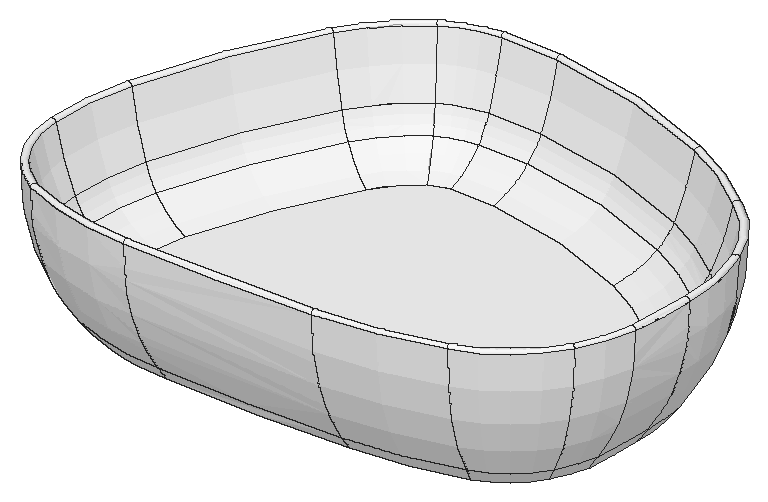
Revit family "WashBasin-Countertop-56cm-AsymmetricBowl-Vitra-OutlineSeries-5991", category Plumbing Fixtures, host Face, Revit 2017
Family settings
  Host = Face
  Round Connector Dimension = Use Diameter
  Part Type = Normal
  OmniClass Number = 23.45.05.14.14
  OmniClass Title = Sinks/Lavatories
  Cut with Voids When Loaded = No
  Shared = Yes
  Room Calculation Point = No
Parameters (values of type "WashBasin_Vitra_Outline_(White)_5991B403-0016")
  Youtube = "https://www.youtube.com/user/VitrAglobal"
  Weight Net (kg) = "12"
  Waste Connection = yes
  Warranty Period (Year) = "10 Years"
  Vent Connection = no
  Uniformat II Description = "Plumbing Fixtures"
  Uniformat II Code = "D2010"
  Uniclass 2015 Name = "Wash basins, Sinks and troughs"
  Uniclass 2015 Code = "Pr_40_20_96_81"
  Uniclass 2.0 Description = "Sanitary Dispensing And Disposal Units"
  Uniclass 2.0 Code = "SS-35-65-70-94"
  Uniclass 1.4 Description = "Washbasins"
  Uniclass 1.4 Code = "L7212"
  URL = "https://www.vitraglobal.com"
  UNSPSC Description = ""
  UNSPSC Code = "301815"
  Technical description = "https://www.vitraglobal.com/pdf/5991B403-0016/"
  Tap hole Options (default) = ""
  Specification = ""
  Region South America = "All"
  Region Oceania = "All"
  Region North America = "All"
  Region Middle East = "All"
  Region Europe = "All"
  Region Asia = "All"
  Region Antarctica = "All"
  Region Africa = "All"
  Product url = "https://www.vitraglobal.com/bathroom-sanitaryware/washbasins/bowls/outline-bowl-sku-5991B403-0016/"
  Product manual = ""
  Product group = "Outline"
  Product family = "Countertop WashBasin"
  Product data url = "https://www.bimobject.com/vitra-bathrooms/product/5991"
  Product certification = "https://www.vitraglobal.com/brochures/"
  Product SKU = "5991B403-0016"
  Product Guid = ""
  Primary Material = White
  OmniClass Description = "Sinks/Lavatories"
  OmniClass Code = "23.45.05.14.14"
  Nominal Width (mm) = 560 mm
  Nominal Height (mm) = 145 mm
  Nominal Depth (mm) = 440 mm
  NBS Referans Description = "Wash Basin Systems"
  NBS Referans Code = "35-65-70-94"
  Mounting type = "Countertop"
  Model = "5991B403-0016"
  Masterformat 2014 Description = "Residential Lavatories and Sinks"
  Masterformat 2014 Code = "22 41 16"
  Manufacturer name = "VitrA"
  Manufacturer = "VitrA"
  Main Material = "Ceramic"
  Installation instructions = ""
  IFC Classification = "Sanitary Terminal"
  HW Connection = no
  EAN code = ""
  Design country = "Turkey"
  Description = "VitrA Outline Countertop - 56cm - Bowl"
  Default Elevation = 850 mm
  Color = "White"
  CW Connection = no
  COBIe Type Category = ""
  Brand = "VitrA"
  BIMobject category = "Sanitary - Basins"
  Article No. (default) = "5991B403-0016"
  Accessories (default) = ""
Types (10, lengths in mm): name | Technical description | Product url | Product data url | Product SKU | Primary Material | Model | Color | Article No. (default)
  WashBasin_Vitra_Outline_(MatteWhite)_5991B401-0016 | "https://www.vitraglobal.com/pdf/5991B401-0016/" | "" | "https://www.vitraglobal.com/bathroom-sanitaryware/washbasins/bowls/outline-bowl-sku-5991B401-0016/" | "5991B401-0016" | Matte White | "5991B401-0016" | "Matte White" | "5991B401-0016"
  WashBasin_Vitra_Outline_(White)_5991B403-0016 | "https://www.vitraglobal.com/pdf/5991B403-0016/" | "https://www.vitraglobal.com/bathroom-sanitaryware/washbasins/bowls/outline-bowl-sku-5991B403-0016/" | "https://www.bimobject.com/vitra-bathrooms/product/5991" | "5991B403-0016" | White | "5991B403-0016" | "White" | "5991B403-0016"
  WashBasin_Vitra_Outline_(MatteBlack)_5991B483-0016 | "https://www.vitraglobal.com/pdf/5991B483-0016/" | "" | "https://www.vitraglobal.com/bathroom-sanitaryware/washbasins/bowls/outline-bowl-sku-5991B483-0016/" | "5991B483-0016" | Matte Black | "5991B483-0016" | "Matte Black" | "5991B483-0016"
  WashBasin_Vitra_Outline_(MatteMink)_5991B450-0016 | "https://www.vitraglobal.com/pdf/5991B450-0016/" | "" | "https://www.vitraglobal.com/bathroom-sanitaryware/washbasins/bowls/outline-bowl-sku-5991B450-0016/" | "5991B450-0016" | Matte Mink | "5991B450-0016" | "Matte Mink" | "5991B450-0016"
  WashBasin_Vitra_Outline_(MatteTaupe)_5991B420-0016 | "https://www.vitraglobal.com/pdf/5991B420-0016/" | "" | "https://www.vitraglobal.com/bathroom-sanitaryware/washbasins/bowls/outline-bowl-sku-5991B420-0016/" | "5991B420-0016" | Matte Taupe | "5991B420-0016" | "Matte Taupe" | "5991B420-0016"
  WashBasin_Vitra_Outline_(White)_5991B403H0016 | "https://www.vitra-india.com/pdf/5991B403H0016/" | "https://www.vitra-india.com/bathroom-sanitaryware/washbasins/bowls/outline-bowl-sku-5991B403H0016/" | "" | "5991B403H0016" | White | "5991B403H0016" | "White" | "5991B403H0016"
  WashBasin_Vitra_Outline_(MatteWhite)_5991B401H0016 | "https://www.vitra-india.com/pdf/5991B401H0016/" | "https://www.vitra-india.com/bathroom-sanitaryware/washbasins/bowls/outline-bowl-sku-5991B401H0016/?keywords=5991" | "" | "5991B401H0016" | Matte White | "5991B401H0016" | "Matte White" | "5991B401H0016"
  WashBasin_Vitra_Outline_(MatteTaupe)_5991B420H0016 | "https://www.vitra-india.com/pdf/5991B420H0016/" | "https://www.vitra-india.com/bathroom-sanitaryware/washbasins/bowls/outline-bowl-sku-5991B420H0016/" | "" | "5991B420H0016" | Matte Taupe | "5991B420H0016" | "Matte Taupe" | "5991B420H0016"
  WashBasin_Vitra_Outline_(MatteMink)_5991B450H0016 | "https://www.vitra-india.com/pdf/5991B450H0016/" | "https://www.vitra-india.com/bathroom-sanitaryware/washbasins/bowls/outline-bowl-sku-5991B450H0016/" | "" | "5991B450H0016" | Matte Mink | "5991B450H0016" | "Matte Mink" | "5991B450H0016"
  WashBasin_Vitra_Outline_(MatteBlack)_5991B483H0016 | "https://www.vitra-india.com/pdf/5991B483H0016/" | "https://www.vitra-india.com/bathroom-sanitaryware/washbasins/bowls/outline-bowl-sku-5991B483H0016/" | "" | "5991B483H0016" | Matte Black | "5991B483H0016" | "Matte Black" | "5991B483H0016"
Reference planes
  plane 1 "Center (Front/Back)": y = 0
  plane 2: z = 0
  plane 3 "Center (Left/Right)": x = 0
  plane 4: x = 299.456
  plane 5: x = -260.544
  plane 6: y = 238.586
  plane 7: y = -201.414
  plane 8: z = 145
Forms (mm)
  Sweep 1, solid, material "White" <- "Primary Material", detail levels fine
    path origin (18.762, 242.984, 145.256) x (1, 0, 0) y (0, 1, 0)
      loop
        arc (279.94, -242.984) -> (277.906, -204.25) -> (267.871, -166.784) r 185.699
        arc (267.871, -166.784) -> (246.816, -129.562) -> (215.794, -100.129) r 144.567
        arc (215.794, -100.129) -> (179.589, -74.188) -> (140.403, -53.019) r 352.541
        arc (140.403, -53.019) -> (55.05, -22.158) -> (-34.298, -6.208) r 533.637
        arc (-34.298, -6.208) -> (-62.101, -4.935) -> (-89.903, -6.208) r 304.23
        arc (-89.903, -6.208) -> (-116.649, -11.709) -> (-141.52, -22.979) r 122.896
        arc (-141.52, -22.979) -> (-172.982, -50.078) -> (-197.819, -83.353) r 190.359
        arc (-197.819, -83.353) -> (-237.902, -162.916) -> (-267.291, -247.018) r 683.147
        arc (-267.291, -247.018) -> (-275.374, -287.611) -> (-277.351, -328.953) r 278.506
        arc (-277.351, -328.953) -> (-262.436, -380.088) -> (-224.289, -417.264) r 104.685
        arc (-224.289, -417.264) -> (-170.812, -434.885) -> (-114.792, -440.538) r 259.131
        arc (-114.792, -440.538) -> (-23.227, -441.244) -> (68.257, -437.343) r 1819.867
        arc (68.257, -437.343) -> (126.735, -429.705) -> (183.817, -414.881) r 475.1
        arc (183.817, -414.881) -> (226.352, -391.73) -> (257.84, -354.938) r 133.604
        arc (257.84, -354.938) -> (269.265, -330.502) -> (276.22, -304.44) r 152.966
        arc (276.22, -304.44) -> (279.002, -273.768) -> (279.94, -242.984) r 513.588
    profile origin (296.668, 38.734, 145.256) x (-0.987688, -0.156434, 0) y (0, 0, 1)
      loop
        arc (-4.468, -1.969) -> (5.642, -69.922) -> (37.405, -130.84) r 207.302
        line (37.405, -130.84) -> (48.298, -145.256) -> (73.427, -145.256) -> (73.427, -103.371)
        arc (73.427, -103.371) -> (52.478, -95.32) -> (34.55, -81.821) r 80.846
        arc (34.55, -81.821) -> (26.51, -71.899) -> (20.716, -60.519) r 60.866
        arc (20.716, -60.519) -> (9.894, -31.82) -> (2.327, -2.097) r 275.6
        arc (2.327, -2.097) -> (-1.019, 0.71) -> (-4.468, -1.969) r 3.476
  Extrusion 2, solid, material "White" <- "Primary Material", detail levels fine
    sketch origin (18.762, 242.984, 145.256) x (1, 0, 0) y (0, 1, 0)
      loop
        arc (111.748, -115.157) -> (37.34, -88.254) -> (-40.551, -74.349) r 465.21
        arc (-40.551, -74.349) -> (-62.101, -73.362) -> (-83.65, -74.349) r 235.803
        arc (-83.65, -74.349) -> (-94.541, -76.484) -> (-104.773, -80.782) r 54.469
        arc (-104.773, -80.782) -> (-123.761, -97.637) -> (-138.847, -118.059) r 121.932
        arc (-138.847, -118.059) -> (-174.915, -189.652) -> (-201.36, -265.331) r 614.72
        arc (-201.36, -265.331) -> (-207.457, -295.95) -> (-208.949, -327.135) r 210.079
        arc (-208.949, -327.135) -> (-204.398, -343.782) -> (-192.666, -356.439) r 36.258
        arc (-192.666, -356.439) -> (-154.188, -368.446) -> (-114.044, -372.098) r 190.704
        arc (-114.044, -372.098) -> (-25.172, -372.84) -> (63.623, -369.073) r 1751.44
        arc (63.623, -369.073) -> (113.679, -362.535) -> (162.539, -349.846) r 406.673
        arc (162.539, -349.846) -> (183.29, -338.552) -> (198.651, -320.604) r 65.177
        arc (198.651, -320.604) -> (204.691, -307.841) -> (208.522, -294.251) r 84.539
        arc (208.522, -294.251) -> (210.813, -267.692) -> (211.509, -241.042) r 445.161
        arc (211.509, -241.042) -> (210.446, -215.76) -> (203.984, -191.294) r 117.272
        arc (203.984, -191.294) -> (192.189, -170.8) -> (174.675, -154.913) r 76.14
        arc (174.675, -154.913) -> (144.519, -132.965) -> (111.748, -115.157) r 284.114
    from -145.256 to -103.371
  Extrusion 3, solid, material "White" <- "Primary Material", detail levels fine
    sketch origin (0, 0, 0) x (1, 0, 0) y (0, 1, 0)
      loop
        circle (0, 0) r 25.4
    from -2.086 to 17.411
  Extrusion 4, solid, detail levels coarse
    sketch origin (0, 0, 0) x (1, 0, 0) y (0, 1, 0)
      loop
        line (299.456, 238.586) -> (-260.544, 238.586) -> (-260.544, -201.414) -> (299.456, -201.414) -> (299.456, 238.586)
    from 0 to 145
  Extrusion 5, solid, detail levels medium
    sketch origin (0, 0, 0) x (1, 0, 0) y (0, 1, 0)
      loop
        arc (161.917, 195.934) -> (75.513, 227.174) -> (-14.935, 243.321) r 540.21
        arc (-14.935, 243.321) -> (-43.339, 244.622) -> (-71.742, 243.321) r 310.803
        arc (-71.742, 243.321) -> (-100.02, 237.493) -> (-126.304, 225.543) r 129.469
        arc (-126.304, 225.543) -> (-158.954, 197.467) -> (-184.722, 162.965) r 196.932
        arc (-184.722, 162.965) -> (-225.191, 82.636) -> (-254.862, -2.276) r 689.72
        arc (-254.862, -2.276) -> (-263.136, -43.826) -> (-265.16, -86.144) r 285.079
        arc (-265.16, -86.144) -> (-249.233, -140.615) -> (-208.511, -180.144) r 111.258
        arc (-208.511, -180.144) -> (-153.623, -198.286) -> (-96.111, -204.129) r 265.704
        arc (-96.111, -204.129) -> (-4.283, -204.831) -> (87.464, -200.917) r 1826.44
        arc (87.464, -200.917) -> (146.752, -193.174) -> (204.623, -178.144) r 481.673
        arc (204.623, -178.144) -> (249.251, -153.854) -> (282.288, -115.252) r 140.177
        arc (282.288, -115.252) -> (294.233, -89.686) -> (301.487, -62.414) r 159.539
        arc (301.487, -62.414) -> (304.314, -31.35) -> (305.275, -0.172) r 520.161
        arc (305.275, -0.172) -> (303.147, 39.846) -> (292.77, 78.554) r 192.272
        arc (292.77, 78.554) -> (270.834, 117.371) -> (238.527, 148.099) r 151.14
        arc (238.527, 148.099) -> (201.732, 174.434) -> (161.917, 195.934) r 359.114
    from 0 to 143.287
Cuts and joins
  joined: Sweep 1, Extrusion 2, Extrusion 3
Dimensions and locks
  "Nominal Depth (mm)": plane 6 to plane 7
  "Nominal Width (mm)": plane 5 to plane 4
  "Nominal Height (mm)": plane 8 to host face
  aligned and locked: plane 2 to host face
  aligned and locked: level to host face
Automatic sketch dimensions
  host sketch curve to host sketch curve = 2438.4 mm  (x2)
  plane 1 "Center (Front/Back)" to Sweep 1 sketch curve = 0 mm
  Sweep 1 sketch curve to plane 1 "Center (Front/Back)" = 0.243 mm
  Sweep 1 sketch curve to plane 5 = 45.657 mm
  Sweep 1 sketch curve to Sweep 1 sketch curve = 60.945 mm
  Sweep 1 sketch curve to plane 3 "Center (Left/Right)" = 98.174 mm
  Sweep 1 sketch curve to plane 3 "Center (Left/Right)" = 64.303 mm
  Sweep 1 sketch curve to plane 3 "Center (Left/Right)" = 59.91 mm
  Sweep 1 sketch curve to plane 3 "Center (Left/Right)" = 43.339 mm
  Sweep 1 sketch curve to plane 3 "Center (Left/Right)" = 36.226 mm
  Sweep 1 sketch curve to plane 3 "Center (Left/Right)" = 14.999 mm
  plane 3 "Center (Left/Right)" to Sweep 1 sketch curve = 11.533 mm
  plane 3 "Center (Left/Right)" to Sweep 1 sketch curve = 19.818 mm
  plane 3 "Center (Left/Right)" to Sweep 1 sketch curve = 54.844 mm
  Sweep 1 sketch curve to plane 1 "Center (Front/Back)" = 9.684 mm
  plane 3 "Center (Left/Right)" to Sweep 1 sketch curve = 113.256 mm
  Sweep 1 sketch curve to Sweep 1 sketch curve = 31.031 mm
  Sweep 1 sketch curve to plane 1 "Center (Front/Back)" = 24.417 mm
  Sweep 1 sketch curve to Sweep 1 sketch curve = 38.403 mm
  Sweep 1 sketch curve to Sweep 1 sketch curve = 16.748 mm
  plane 7 to Sweep 1 sketch curve = 14.555 mm
  Sweep 1 sketch curve to plane 4 = 110.244 mm
  Sweep 1 sketch curve to plane 7 = 93.215 mm
  plane 7 to Sweep 1 sketch curve = 71.238 mm
  plane 1 "Center (Front/Back)" to Sweep 1 sketch curve = 83.188 mm
  Sweep 1 sketch curve to Sweep 1 sketch curve = 51.607 mm
  Sweep 1 sketch curve to Sweep 1 sketch curve = 12.388 mm
  plane 1 "Center (Front/Back)" to Sweep 1 sketch curve = 44.916 mm
  Sweep 1 sketch curve to Sweep 1 sketch curve = 9.715 mm
  Sweep 1 sketch curve to plane 1 "Center (Front/Back)" = 61.567 mm
  Sweep 1 sketch curve to plane 1 "Center (Front/Back)" = 63.081 mm
  Sweep 1 sketch curve to Sweep 1 sketch curve = 52.827 mm
  plane 6 to Sweep 1 sketch curve = 41.063 mm
  Sweep 1 sketch curve to Sweep 1 sketch curve = 1341.68 mm
  plane 1 "Center (Front/Back)" to Sweep 1 sketch curve = 4.035 mm
  Sweep 1 sketch curve to Sweep 1 sketch curve = 0 mm  (x11)
  plane 7 to Sweep 1 sketch curve = 27.133 mm
  Sweep 1 sketch curve to plane 6 = 18.582 mm
  plane 7 to Sweep 1 sketch curve = 3.859 mm
  plane 4 to Sweep 1 sketch curve = 64.9 mm
  profile plane to Sweep 1 sketch curve = 1.084 mm
  Sweep 1 sketch curve to profile plane = 37.405 mm
  Sweep 1 sketch curve to Sweep 1 sketch curve = 10.894 mm
  Sweep 1 sketch curve to Sweep 1 sketch curve = 25.129 mm
  Sweep 1 sketch curve to profile plane = 38.749 mm
  Sweep 1 sketch curve to Sweep 1 sketch curve = 4.129 mm
  Sweep 1 sketch curve to Sweep 1 sketch curve = 14.117 mm
  Sweep 1 sketch curve to profile plane = 5.863 mm
  Sweep 1 sketch curve to Sweep 1 sketch curve = 111.124 mm
  Sweep 1 sketch curve to Sweep 1 sketch curve = 69.981 mm
  Sweep 1 sketch curve to Sweep 1 sketch curve = 64.621 mm
  Sweep 1 sketch curve to Sweep 1 sketch curve = 27.469 mm
  Sweep 1 sketch curve to Sweep 1 sketch curve = 14.416 mm
  Sweep 1 sketch curve to Sweep 1 sketch curve = 14.139 mm
  Sweep 1 sketch curve to profile plane = 2.766 mm
  profile plane to Sweep 1 sketch curve = 50.928 mm
  Sweep 1 sketch curve to profile plane = 1.969 mm
  Sweep 1 sketch curve to profile plane = 20.716 mm
  Extrusion 2 sketch curve to plane 1 "Center (Front/Back)" = 0.243 mm
  Extrusion 2 sketch curve to plane 5 = 45.657 mm
  Extrusion 2 sketch curve to Extrusion 2 sketch curve = 60.945 mm
  Extrusion 2 sketch curve to plane 3 "Center (Left/Right)" = 98.174 mm
  Extrusion 2 sketch curve to plane 3 "Center (Left/Right)" = 64.303 mm
  Extrusion 2 sketch curve to plane 3 "Center (Left/Right)" = 59.91 mm
  Extrusion 2 sketch curve to plane 3 "Center (Left/Right)" = 43.339 mm
  Extrusion 2 sketch curve to plane 3 "Center (Left/Right)" = 36.226 mm
  Extrusion 2 sketch curve to plane 3 "Center (Left/Right)" = 14.999 mm
  plane 3 "Center (Left/Right)" to Extrusion 2 sketch curve = 11.533 mm
  plane 3 "Center (Left/Right)" to Extrusion 2 sketch curve = 19.818 mm
  plane 3 "Center (Left/Right)" to Extrusion 2 sketch curve = 54.844 mm
  Extrusion 2 sketch curve to plane 1 "Center (Front/Back)" = 9.684 mm
  plane 3 "Center (Left/Right)" to Extrusion 2 sketch curve = 113.256 mm
  Extrusion 2 sketch curve to Extrusion 2 sketch curve = 31.031 mm
  Extrusion 2 sketch curve to plane 1 "Center (Front/Back)" = 24.417 mm
  Extrusion 2 sketch curve to Extrusion 2 sketch curve = 38.403 mm
  Extrusion 2 sketch curve to Extrusion 2 sketch curve = 16.748 mm
  plane 7 to Extrusion 2 sketch curve = 14.555 mm
  Extrusion 2 sketch curve to plane 4 = 110.244 mm
  Extrusion 2 sketch curve to plane 7 = 93.215 mm
  plane 7 to Extrusion 2 sketch curve = 71.238 mm
  plane 1 "Center (Front/Back)" to Extrusion 2 sketch curve = 83.188 mm
  Extrusion 2 sketch curve to Extrusion 2 sketch curve = 51.607 mm
  Extrusion 2 sketch curve to Extrusion 2 sketch curve = 12.388 mm
  plane 1 "Center (Front/Back)" to Extrusion 2 sketch curve = 44.916 mm
  Extrusion 2 sketch curve to Extrusion 2 sketch curve = 9.715 mm
  Extrusion 2 sketch curve to plane 1 "Center (Front/Back)" = 61.567 mm
  Extrusion 2 sketch curve to plane 1 "Center (Front/Back)" = 63.081 mm
  Extrusion 2 sketch curve to Extrusion 2 sketch curve = 52.827 mm
  plane 6 to Extrusion 2 sketch curve = 41.063 mm
  Extrusion 2 sketch curve to Extrusion 2 sketch curve = 1341.68 mm
  Extrusion 2 sketch curve to Extrusion 2 sketch curve = 36.245 mm
  Extrusion 2 sketch curve to Extrusion 2 sketch curve = 0 mm  (x10)
  Extrusion 2 sketch curve to Extrusion 2 sketch curve = 16.282 mm
  plane 7 to Extrusion 2 sketch curve = 72.299 mm
  Extrusion 2 sketch curve to Extrusion 2 sketch curve = 34.074 mm
  Extrusion 2 sketch curve to Extrusion 2 sketch curve = 62.927 mm
  Extrusion 2 sketch curve to Extrusion 2 sketch curve = 9.872 mm
  plane 1 "Center (Front/Back)" to Extrusion 3 sketch curve = 0 mm
  Extrusion 3 sketch curve to plane 3 "Center (Left/Right)" = 0 mm
  Extrusion 4 sketch curve to plane 5 = 0 mm
  Extrusion 4 sketch curve to plane 4 = 0 mm
  Extrusion 4 sketch curve to plane 7 = 0 mm
  Extrusion 4 sketch curve to plane 6 = 0 mm
  Extrusion 5 sketch curve to plane 1 "Center (Front/Back)" = 0.243 mm
  Extrusion 5 sketch curve to plane 5 = 45.657 mm
  Extrusion 5 sketch curve to Extrusion 5 sketch curve = 60.945 mm
  Extrusion 5 sketch curve to plane 3 "Center (Left/Right)" = 98.174 mm
  Extrusion 5 sketch curve to plane 3 "Center (Left/Right)" = 64.303 mm
  Extrusion 5 sketch curve to plane 3 "Center (Left/Right)" = 59.91 mm
  Extrusion 5 sketch curve to plane 3 "Center (Left/Right)" = 43.339 mm
  Extrusion 5 sketch curve to plane 3 "Center (Left/Right)" = 36.226 mm
  Extrusion 5 sketch curve to plane 3 "Center (Left/Right)" = 14.999 mm
  plane 3 "Center (Left/Right)" to Extrusion 5 sketch curve = 11.533 mm
  plane 3 "Center (Left/Right)" to Extrusion 5 sketch curve = 19.818 mm
  plane 3 "Center (Left/Right)" to Extrusion 5 sketch curve = 54.844 mm
  Extrusion 5 sketch curve to plane 1 "Center (Front/Back)" = 9.684 mm
  plane 3 "Center (Left/Right)" to Extrusion 5 sketch curve = 113.256 mm
  Extrusion 5 sketch curve to Extrusion 5 sketch curve = 31.031 mm
  Extrusion 5 sketch curve to plane 1 "Center (Front/Back)" = 24.417 mm
  Extrusion 5 sketch curve to Extrusion 5 sketch curve = 38.403 mm
  Extrusion 5 sketch curve to Extrusion 5 sketch curve = 16.748 mm
  plane 7 to Extrusion 5 sketch curve = 14.555 mm
  Extrusion 5 sketch curve to plane 4 = 110.244 mm
  Extrusion 5 sketch curve to plane 7 = 93.215 mm
  plane 7 to Extrusion 5 sketch curve = 71.238 mm
  plane 1 "Center (Front/Back)" to Extrusion 5 sketch curve = 83.188 mm
  Extrusion 5 sketch curve to Extrusion 5 sketch curve = 51.607 mm
  Extrusion 5 sketch curve to Extrusion 5 sketch curve = 12.388 mm
  plane 1 "Center (Front/Back)" to Extrusion 5 sketch curve = 44.916 mm
  Extrusion 5 sketch curve to Extrusion 5 sketch curve = 9.715 mm
  Extrusion 5 sketch curve to plane 1 "Center (Front/Back)" = 61.567 mm
  Extrusion 5 sketch curve to plane 1 "Center (Front/Back)" = 63.081 mm
  Extrusion 5 sketch curve to Extrusion 5 sketch curve = 52.827 mm
  plane 6 to Extrusion 5 sketch curve = 41.063 mm
  Extrusion 5 sketch curve to Extrusion 5 sketch curve = 1341.68 mm
  plane 1 "Center (Front/Back)" to Extrusion 5 sketch curve = 2.276 mm
  Extrusion 5 sketch curve to Extrusion 5 sketch curve = 0 mm  (x10)
  plane 7 to Extrusion 5 sketch curve = 21.27 mm
  Extrusion 5 sketch curve to plane 6 = 13.044 mm
  Extrusion 5 sketch curve to plane 7 = 2.715 mm
  plane 4 to Extrusion 5 sketch curve = 60.93 mm
  Extrusion 5 sketch curve to plane 4 = 2.031 mm
  radius of Extrusion 3 sketch curve = 25.4 mm
Connectors
  piping at (0, 0, -2.086), diameter 50, driven by "Waste Connection"
    settings: on cut or joined group of Sweep 1, Extrusion 2, Extrusion 3, index 1, connector inside diameter 609.6 mm, connector length 0 mm, flow factor 0, pipe flow 0.0 L/s, pressure drop 0.0 Pa, fitting loss kfactor 0, connector angle 0.00°, fixture units 0, engagement length 0 mm, angle of deflection 0.00°, flow configuration 0, flow direction 2, fitting loss method 0, system type 16, joint type 0, gender type 0, connector reference index -1, connector utility 1, adjustable connector no, is connector primary yes, connector description ""
